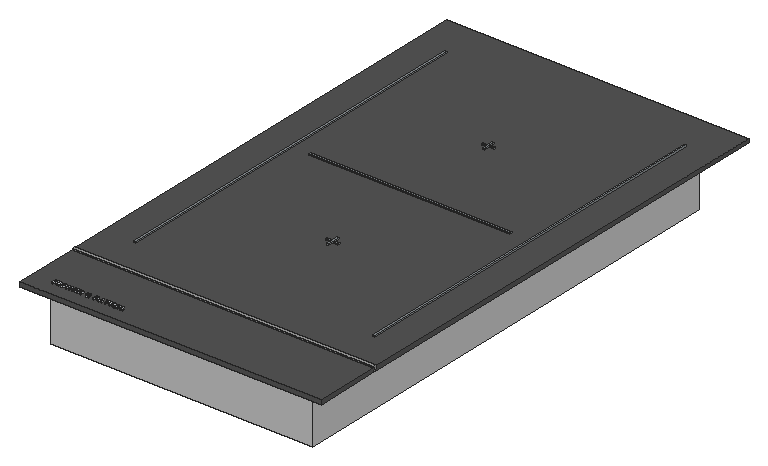
Revit family "FP_Revit_18_CI302DTB2_Cooktop_90000839A", category Specialty Equipment, Revit 2018
Family settings
  Round Connector Dimension = Use Diameter
  Part Type = Normal
  OmniClass Number = 23.40.40.14.17.11
  OmniClass Title = Cookers, Ovens, Stoves
  Work Plane-Based = No
  Always vertical = Yes
  Cut with Voids When Loaded = Yes
  Shared = No
  Room Calculation Point = No
Parameters
  Visibility - Clearance Required = yes
  URL = "www.fisherpaykel.com"
  Product - Width = 299 mm  # constant formula
  Product - Height = 54 mm  # constant formula
  Product - Depth = 530 mm  # constant formula
  Model = "CI302DTB2"
  Material - Trim = Fisher & Paykel - Steel, Chrome Plated
  Material - Graphics = Fisher & Paykel - Graphics Grey
  Material - Cooktop = Fisher & Paykel - Glass, Black
  Material - Body = Fisher & Paykel - Grey
  Manufacturer = "Fisher & Paykel Appliances"
  FFL Offset [instance] = 900 mm
  Description = "30cm Induction Cooktop"
  Connector Note - Electrical = "220-240 V, 16 A, 50 Hz,"
  Clearance - Side Combustible = 30 mm  # constant formula
  Clearance - Rear Combustible = 30 mm  # constant formula
  Clearance - Overhead Rangehood = 650 mm  # constant formula
  Clearance - Below = 65 mm  # constant formula
  Chassis - Width = 260 mm  # constant formula
  Chassis - Height = 49 mm  # constant formula
  Chassis - Depth = 480 mm  # constant formula
  Cavity - Width = 265 mm  # constant formula
  Cavity - Height = 65 mm  # constant formula
  Cavity - Depth = 490 mm  # constant formula
Reference planes
  plane 1 "Datum": y = 0
  plane 2: z = 0
  plane 3 "Center (Left/Right)": x = 0
  plane 4 "Product LHS": x = -149.5
  plane 5 "Product RHS": x = 149.5
  plane 6 "Product - Depth": y = 530
  plane 7 "Cavity LHS": x = -132.5
  plane 8 "Cavity RHS": x = 132.5
  plane 9 "Cavity - Depth": y = 497.2
  plane 10 "Chassis Front": y = 13.2
  plane 11 "Chassis - Depth": y = 493.2
  plane 12 "Cavity - Front": y = 7.2
  plane 13 "Basepan": z = 851
  plane 14 "Benchtop": z = 900
  plane 15 "Glass": z = 905
Forms (mm)
  Extrusion 1, solid, material "Fisher & Paykel - Glass, Black" <- "Material - Cooktop"
    sketch origin (0, 0, 0) x (0, 1, 0) y (0, 0, 1)
      loop
        line (0, 905) -> (0, 901) -> (65, 901) -> (65, 905) -> (0, 905)
      loop
        line (530, 905) -> (68, 905) -> (68, 901) -> (530, 901) -> (530, 905)
    from -149.5 to 149.5
  Extrusion 2, solid, material "Fisher & Paykel - Clearance Required (Cutout)", visible <- "Visibility - Clearance Required", detail levels coarse
    sketch origin (0, 24.768, 0) x (1, 0, 0) y (0, 1, 0)
      loop
        line (-132.5, 472.432) -> (-132.5, -17.568) -> (132.5, -17.568) -> (132.5, 472.432) -> (-132.5, 472.432)
    from 835 to 900
  Extrusion 3, solid, material "Fisher & Paykel - Steel, Chrome Plated" <- "Material - Trim", detail levels medium+fine
    sketch origin (0, 0, 0) x (0, 1, 0) y (0, 0, 1)
      loop
        line (68, 901) -> (68, 906) -> (65, 906) -> (65, 901) -> (68, 901)
    from -149.5 to 149.5
  Extrusion 4, solid, material "Fisher & Paykel - Clearance Required (Rangehood)", visible <- "Visibility - Clearance Required", detail levels coarse
    sketch origin (0, 0, 0) x (1, 0, 0) y (0, 1, 0)
      loop
        line (-162.5, 0) -> (162.5, 0) -> (162.5, 527.2) -> (-162.5, 527.2) -> (-162.5, 0)
    from 905 to 1555
  Extrusion 5, solid, material "Fisher & Paykel - Grey" <- "Material - Body"
    sketch origin (0, 0, 0) x (0, 1, 0) y (0, 0, 1)
      loop
        line (493.2, 851) -> (493.2, 900) -> (13.2, 900) -> (13.2, 851) -> (493.2, 851)
    from -130 to 130
  Extrusion 6, solid, material "Fisher & Paykel - Grey" <- "Material - Body"
    sketch origin (-151, 0, 0) x (1, 0, 0) y (0, 1, 0)
      loop
        line (15.5, 520.2) -> (15.5, 8.39) -> (286.5, 8.39) -> (286.5, 520.2) -> (15.5, 520.2)
    from 900 to 901
  Extrusion 7, solid, material "Fisher & Paykel - Graphics Grey" <- "Material - Graphics", detail levels fine
    sketch origin (0, 0, 0) x (1, 0, 0) y (0, 1, 0)
      loop
        line (-119.982, 489.688) -> (-119.982, 103.77) -> (-117.782, 103.77) -> (-117.782, 489.688) -> (-119.982, 489.688)
      loop
        line (117.568, 103.77) -> (119.768, 103.77) -> (119.768, 489.908) -> (117.568, 489.908) -> (117.568, 103.77)
      loop
        line (-100, 298.273) -> (-100, 296.073) -> (100, 296.073) -> (100, 298.273) -> (-100, 298.273)
      loop
        line (1.001, 400.223) -> (-0.967, 400.223) -> (-0.967, 395.057) -> (-6.133, 395.057) -> (-6.133, 393.089) -> (-0.967, 393.089) -> (-0.967, 387.923) -> (1.001, 387.923) -> (1.001, 393.089) -> (6.167, 393.089) -> (6.167, 395.057) -> (1.001, 395.057) -> (1.001, 400.223)
      loop
        line (1.001, 207.02) -> (-0.967, 207.02) -> (-0.967, 201.854) -> (-6.133, 201.854) -> (-6.133, 199.886) -> (-0.967, 199.886) -> (-0.967, 194.72) -> (1.001, 194.72) -> (1.001, 199.886) -> (6.167, 199.886) -> (6.167, 201.854) -> (1.001, 201.854) -> (1.001, 207.02)
    from 905 to 906
  Extrusion 8, solid, material "Fisher & Paykel - Grey" <- "Material - Body", detail levels fine
    sketch origin (0, 0, 0) x (1, 0, 0) y (0, 1, 0)
      loop
        circle (0, 473.2) r 5
    from 845 to 851
  Extrusion 9, void
    sketch origin (0, 24.768, 0) x (1, 0, 0) y (0, 1, 0)
      loop
        line (-132.5, 472.432) -> (-132.5, -17.568) -> (132.5, -17.568) -> (132.5, 472.432) -> (-132.5, 472.432)
    from 835 to 900
Text (mm)
  text "Due to ongoing product development, product details are subject to change without notice. \nPlease always refer to www.fisherpaykel.com for the most current product information. \n© Fisher & Paykel 2020" at (41.04, -102.478, 0), in view "Ref. Level (Plan)"
Dimensions and locks
  equal spacing: plane 4 "Product LHS", plane 3 "Center (Left/Right)", plane 5 "Product RHS"
  "Product - Width": plane 4 "Product LHS" to plane 5 "Product RHS"
  equal spacing: plane 7 "Cavity LHS", plane 3 "Center (Left/Right)", plane 8 "Cavity RHS"
  "Cavity - Width": plane 7 "Cavity LHS" to plane 8 "Cavity RHS"
  "Product - Depth": Extrusion 1 to plane 1 "Datum"
  equal spacing: Extrusion 5, plane 3 "Center (Left/Right)", Extrusion 5
  "Chassis - Width": Extrusion 5 to Extrusion 5
  equal spacing: Extrusion 6, plane 3 "Center (Left/Right)", Extrusion 6
  locked: plane 1 "Datum" to plane 10 "Chassis Front" at 13.2
  plane 10 "Chassis Front" to plane 12 "Cavity - Front" = 6 mm
  "Cavity - Depth": plane 9 "Cavity - Depth" to plane 12 "Cavity - Front"
  "Chassis - Depth": plane 11 "Chassis - Depth" to plane 10 "Chassis Front"
  "FFL Offset": plane 14 "Benchtop" to level
  locked: plane 15 "Glass" to plane 14 "Benchtop" at 5
  "Chassis - Height": plane 14 "Benchtop" to plane 13 "Basepan"
  locked: Extrusion 7 to plane 15 "Glass" at 1
  "Chassis - Height": Extrusion 5 to plane 14 "Benchtop"
  "Clearance - Below": Extrusion 2 to plane 14 "Benchtop"
  locked: nested 1 to plane 15 "Glass" at 0.8
  "Clearance - Overhead Rangehood": Extrusion 4 to plane 15 "Glass"
  locked: Extrusion 1 to plane 14 "Benchtop" at 1
  "Clearance - Side Combustible": Extrusion 4 to plane 7 "Cavity LHS"
  "Clearance - Side Combustible": plane 8 "Cavity RHS" to Extrusion 4
  "Clearance - Rear Combustible": Extrusion 4 to plane 9 "Cavity - Depth"
  locked: Extrusion 8 to plane 14 "Benchtop" at 55
  locked: Extrusion 3 to plane 15 "Glass" at 1
  aligned and locked: level to plane 2
  aligned and locked: plane 4 "Product LHS" to Extrusion 3
  aligned and locked: Extrusion 3 to plane 5 "Product RHS"
  aligned and locked: plane 9 "Cavity - Depth" to Extrusion 2
  aligned and locked: plane 11 "Chassis - Depth" to Extrusion 5
  aligned and locked: Extrusion 5 to Extrusion 6
  aligned and locked: Extrusion 8 to Extrusion 5
  aligned and locked: plane 15 "Glass" to Extrusion 1
  aligned and locked: Extrusion 4 to Extrusion 1
  aligned and locked: Extrusion 1 to Extrusion 7
  aligned and locked: Extrusion 6 to plane 14 "Benchtop"
  aligned and locked: Extrusion 6 to Extrusion 1
  aligned and locked: Extrusion 2 to Extrusion 5
  aligned and locked: Extrusion 9 to Extrusion 2  (x2)
  aligned and locked: Extrusion 1 to Extrusion 3
Automatic sketch dimensions
  Extrusion 2 sketch curve to plane 12 "Cavity - Front" = 0 mm
  plane 9 "Cavity - Depth" to Extrusion 2 sketch curve = 0 mm
  plane 7 "Cavity LHS" to Extrusion 2 sketch curve = 0 mm
  Extrusion 2 sketch curve to plane 8 "Cavity RHS" = 0 mm
  plane 1 "Datum" to Extrusion 4 sketch curve = 0 mm
  Extrusion 4 sketch curve to plane 6 "Product - Depth" = 2.8 mm
  plane 4 "Product LHS" to Extrusion 4 sketch curve = 13 mm
  Extrusion 4 sketch curve to plane 5 "Product RHS" = 13 mm
  Extrusion 5 sketch curve to plane 10 "Chassis Front" = 0 mm
  Extrusion 5 sketch curve to plane 11 "Chassis - Depth" = 0 mm
  Extrusion 5 sketch curve to plane 13 "Basepan" = 0 mm
  Extrusion 5 sketch curve to plane 14 "Benchtop" = 0 mm
  plane 12 "Cavity - Front" to Extrusion 6 sketch curve = 1.189 mm
  plane 7 "Cavity LHS" to Extrusion 6 sketch curve = 3 mm
  Extrusion 6 sketch curve to plane 8 "Cavity RHS" = 3 mm
  Extrusion 6 sketch curve to plane 6 "Product - Depth" = 9.8 mm
  Extrusion 7 sketch curve to plane 7 "Cavity LHS" = 12.518 mm
  Extrusion 7 sketch curve to Extrusion 7 sketch curve = 2.2 mm  (x3)
  Extrusion 7 sketch curve to plane 7 "Cavity LHS" = 32.5 mm
  Extrusion 7 sketch curve to plane 3 "Center (Left/Right)" = 6.133 mm  (x2)
  Extrusion 7 sketch curve to plane 3 "Center (Left/Right)" = 0.967 mm  (x4)
  plane 3 "Center (Left/Right)" to Extrusion 7 sketch curve = 1.001 mm  (x4)
  Extrusion 7 sketch curve to Extrusion 7 sketch curve = 5.166 mm  (x6)
  plane 8 "Cavity RHS" to Extrusion 7 sketch curve = 32.5 mm
  Extrusion 7 sketch curve to plane 11 "Chassis - Depth" = 3.292 mm
  plane 8 "Cavity RHS" to Extrusion 7 sketch curve = 14.932 mm
  Extrusion 7 sketch curve to plane 11 "Chassis - Depth" = 3.512 mm
  Extrusion 7 sketch curve to plane 11 "Chassis - Depth" = 92.977 mm
  Extrusion 7 sketch curve to Extrusion 7 sketch curve = 0 mm  (x2)
  Extrusion 7 sketch curve to Extrusion 7 sketch curve = 1.968 mm  (x4)
  Extrusion 7 sketch curve to Extrusion 7 sketch curve = 94.816 mm
  Extrusion 7 sketch curve to Extrusion 7 sketch curve = 89.053 mm
  plane 10 "Chassis Front" to Extrusion 7 sketch curve = 90.57 mm  (x2)
  Extrusion 8 sketch curve to plane 3 "Center (Left/Right)" = 0 mm
  Extrusion 8 sketch curve to plane 11 "Chassis - Depth" = 20 mm
  Extrusion 9 sketch curve to plane 12 "Cavity - Front" = 0 mm
  plane 9 "Cavity - Depth" to Extrusion 9 sketch curve = 0 mm
  plane 7 "Cavity LHS" to Extrusion 9 sketch curve = 0 mm
  Extrusion 9 sketch curve to plane 8 "Cavity RHS" = 0 mm
  Extrusion 1 sketch curve to plane 1 "Datum" = 0 mm
  Extrusion 1 sketch curve to plane 15 "Glass" = 0 mm  (x2)
  Extrusion 1 sketch curve to plane 6 "Product - Depth" = 0 mm
  plane 14 "Benchtop" to Extrusion 1 sketch curve = 1 mm  (x2)
  plane 10 "Chassis Front" to Extrusion 1 sketch curve = 51.8 mm
  Extrusion 1 sketch curve to Extrusion 1 sketch curve = 3 mm
  plane 15 "Glass" to Extrusion 3 sketch curve = 1 mm
  plane 14 "Benchtop" to Extrusion 3 sketch curve = 1 mm
  plane 10 "Chassis Front" to Extrusion 3 sketch curve = 51.8 mm
  Extrusion 3 sketch curve to Extrusion 3 sketch curve = 3 mm
  radius of Extrusion 8 sketch curve = 5 mm
Nested families
  nested 1: "F&P Logo 70mm Horizontal" at (-94.001, 14.253, 905), type "F&P Logo 70mm Horizontal"
Connectors
  electrical at (0, 473.2, 845), driven by "Connector Note - Electrical"
    settings: on Extrusion 8, index 1, voltage 230 V, apparent load 0 VA, apparent load phase1 0 VA, apparent load phase2 0 VA, apparent load phase3 0 VA, power factor 1, load classification "Other", number of poles 1, system type 30, power factor state 1, is connector primary yes, connector utility no, sub classification motor no, connector description "220-240 V, 16 A, 50 Hz,"
Definition of nested family "F&P Logo 70mm Horizontal"
  Parameters (values of type "F&P Logo 70mm Horizontal")
    URL = "www.fisherpaykel.com"
    Material - Logo = none
    Manufacturer = "Fisher & Paykel Appliances"
  Reference planes
    plane 1 "Center (Front/Back)": y = 0
    plane 2: z = 0
    plane 3 "Center (Left/Right)": x = 0
  Forms (mm)
    Extrusion 1, solid, material <- "Material - Logo", detail levels fine
      sketch origin (0, 0, 0) x (1, 0, 0) y (0, 1, 0)
        loop
          line (-34.997, -0.356) -> (-33.895, -0.356) -> (-33.895, 1.141) -> (-32.174, 1.141) -> (-32.174, 2.075) -> (-33.895, 2.075) -> (-33.895, 2.943) -> (-32.023, 2.943) -> (-32.023, 3.872) -> (-34.997, 3.872) -> (-34.997, -0.356)
        loop
          line (-29.929, 3.872) -> (-29.929, -0.356) -> (-28.828, -0.356) -> (-28.828, 3.872) -> (-29.929, 3.872)
        loop
          line (-21.473, 3.872) -> (-21.473, -0.356) -> (-20.372, -0.356) -> (-20.372, 1.338) -> (-18.754, 1.338) -> (-18.754, -0.356) -> (-17.652, -0.356) -> (-17.652, 3.872) -> (-18.754, 3.872) -> (-18.754, 2.268) -> (-20.372, 2.268) -> (-20.372, 3.872) -> (-21.473, 3.872)
        loop
          line (-15.301, 3.872) -> (-15.301, -0.356) -> (-12.288, -0.356) -> (-12.288, 0.444) -> (-14.209, 0.444) -> (-14.209, 1.338) -> (-12.453, 1.338) -> (-12.453, 2.268) -> (-14.209, 2.268) -> (-14.209, 3.072) -> (-12.288, 3.072) -> (-12.288, 3.872) -> (-15.301, 3.872)
        loop
          line (32, 3.872) -> (32, -0.356) -> (35.003, -0.356) -> (35.003, 0.574) -> (33.102, 0.574) -> (33.102, 3.872) -> (32, 3.872)
        loop
          line (29.735, 3.872) -> (26.712, 3.872) -> (26.712, -0.356) -> (29.735, -0.356) -> (29.735, 0.444) -> (27.814, 0.444) -> (27.814, 1.338) -> (29.57, 1.338) -> (29.57, 2.268) -> (27.814, 2.268) -> (27.814, 3.072) -> (29.735, 3.072) -> (29.735, 3.872)
        loop
          line (23.449, 1.848) -> (25.012, 3.872) -> (23.724, 3.872) -> (22.374, 2.124) -> (22.374, 3.872) -> (21.273, 3.872) -> (21.273, -0.356) -> (22.374, -0.356) -> (22.374, 1.538) -> (23.765, -0.356) -> (25.067, -0.356) -> (23.449, 1.848)
        loop
          line (15.42, 3.872) -> (17.017, 1.338) -> (17.017, -0.356) -> (18.119, -0.356) -> (18.119, 1.283) -> (19.717, 3.872) -> (18.546, 3.872) -> (17.603, 2.239) -> (16.66, 3.872) -> (15.42, 3.872)
        loop
          line (12.969, 3.872) -> (11.922, 3.872) -> (10.2, -0.356) -> (11.282, -0.356) -> (11.585, 0.422) -> (13.278, 0.422) -> (13.581, -0.356) -> (14.69, -0.356) -> (12.969, 3.872)
        loop
          line (12.913, 1.352) -> (12.419, 2.566) -> (11.946, 1.352) -> (12.913, 1.352)
        loop
          line (5.556, 3.872) -> (5.556, -0.356) -> (6.653, -0.356) -> (6.653, 1.001) -> (7.453, 1.001)
          spline (7.453, 1.001) -> (7.884, 1.05) -> (8.285, 1.193) -> (8.63, 1.421) -> (8.895, 1.719) -> (9.061, 2.065) -> (9.118, 2.436) -> (9.061, 2.808) -> (8.895, 3.154) -> (8.63, 3.452) -> (8.285, 3.68) -> (7.884, 3.823) -> (7.453, 3.872)
          line (7.453, 3.872) -> (5.556, 3.872)
        loop
          spline (7.385, 1.882) -> (7.558, 1.9) -> (7.72, 1.953) -> (7.858, 2.037) -> (7.965, 2.147) -> (8.032, 2.275) -> (8.055, 2.412) -> (8.032, 2.55) -> (7.965, 2.677) -> (7.858, 2.787) -> (7.72, 2.872) -> (7.558, 2.924) -> (7.385, 2.943)
          line (7.385, 2.943) -> (6.585, 2.943) -> (6.585, 1.882) -> (7.385, 1.882)
        loop
          line (-8.294, 2.943) -> (-9.094, 2.943) -> (-9.094, 1.781) -> (-8.294, 1.781)
          spline (-8.294, 1.781) -> (-8.121, 1.801) -> (-7.96, 1.859) -> (-7.822, 1.951) -> (-7.716, 2.072) -> (-7.649, 2.212) -> (-7.626, 2.362) -> (-7.649, 2.512) -> (-7.716, 2.652) -> (-7.822, 2.772) -> (-7.96, 2.865) -> (-8.121, 2.923) -> (-8.294, 2.943)
        loop
          line (-8.214, 3.872) -> (-10.262, 3.872) -> (-10.262, -0.356) -> (-9.094, -0.356) -> (-9.094, 0.492) -> (-8.294, 0.492) -> (-7.647, -0.356) -> (-6.373, -0.356) -> (-7.445, 1.016)
          spline (-7.445, 1.016) -> (-7.148, 1.205) -> (-6.902, 1.45) -> (-6.72, 1.739) -> (-6.611, 2.058) -> (-6.58, 2.391) -> (-6.628, 2.723) -> (-6.754, 3.037) -> (-6.95, 3.317) -> (-7.208, 3.551) -> (-7.515, 3.726) -> (-7.856, 3.835) -> (-8.214, 3.872)
        loop
          line (0.368, 2.943) -> (0.368, 3.951) -> (-2.559, 3.951) -> (-2.559, 3.151) -> (-2.048, 2.522)
          spline (-2.048, 2.522) -> (-2.373, 2.187) -> (-2.606, 1.789) -> (-2.731, 1.355) -> (-2.74, 0.914) -> (-2.632, 0.497) -> (-2.414, 0.133) -> (-2.102, -0.155) -> (-1.716, -0.347) -> (-1.283, -0.429) -> (-0.832, -0.395) -> (-0.395, -0.249) -> (0, 0)
          line (0, 0) -> (0.504, -0.621) -> (1.644, -0.621) -> (0.602, 0.712) -> (1.591, 2.137) -> (0.459, 2.137) -> (0.003, 1.48) -> (-1.14, 2.943) -> (0.368, 2.943)
        loop
          spline (-1.353, 1.874) -> (-1.563, 1.673) -> (-1.729, 1.449) -> (-1.839, 1.217) -> (-1.886, 0.992) -> (-1.867, 0.792) -> (-1.783, 0.627) -> (-1.639, 0.511) -> (-1.447, 0.451) -> (-1.218, 0.451) -> (-0.968, 0.512) -> (-0.714, 0.628) -> (-0.475, 0.792)
          line (-0.475, 0.792) -> (-1.353, 1.874)
        loop
          arc (-25.449, 3.004) -> (-24.591, 2.949) -> (-23.808, 2.592) r 2.379
          line (-23.808, 2.592) -> (-23.808, 3.586)
          arc (-23.808, 3.586) -> (-24.619, 3.915) -> (-25.494, 3.936) r 2.437
          arc (-25.494, 3.936) -> (-26.617, 2.99) -> (-26.18, 1.588) r 1.327
          arc (-26.18, 1.588) -> (-25.746, 1.367) -> (-25.276, 1.236) r 2.46
          spline (-25.276, 1.236) -> (-25.124, 1.211) -> (-24.98, 1.158) -> (-24.856, 1.083) -> (-24.761, 0.989) -> (-24.703, 0.886) -> (-24.686, 0.78) -> (-24.713, 0.681) -> (-24.78, 0.596) -> (-24.882, 0.532) -> (-25.011, 0.494) -> (-25.158, 0.485) -> (-25.311, 0.505)
          arc (-25.311, 0.505) -> (-26.045, 0.647) -> (-26.714, 0.98) r 2.761
          line (-26.714, 0.98) -> (-26.714, -0.067)
          arc (-26.714, -0.067) -> (-25.66, -0.377) -> (-24.564, -0.318) r 3.237
          arc (-24.564, -0.318) -> (-23.597, 0.72) -> (-24.205, 2.002) r 1.263
          arc (-24.205, 2.002) -> (-24.834, 2.249) -> (-25.488, 2.42) r 5.78
          spline (-25.488, 2.42) -> (-25.537, 2.449) -> (-25.58, 2.49) -> (-25.615, 2.541) -> (-25.639, 2.6) -> (-25.653, 2.664) -> (-25.654, 2.73) -> (-25.644, 2.795) -> (-25.622, 2.856) -> (-25.59, 2.909) -> (-25.549, 2.953) -> (-25.502, 2.985) -> (-25.449, 3.004)
      from 0 to 0.8
  Dimensions and locks
    Extrusion 1 sketch curve to Extrusion 1 sketch curve = 70 mm
    aligned and locked: level to plane 2
